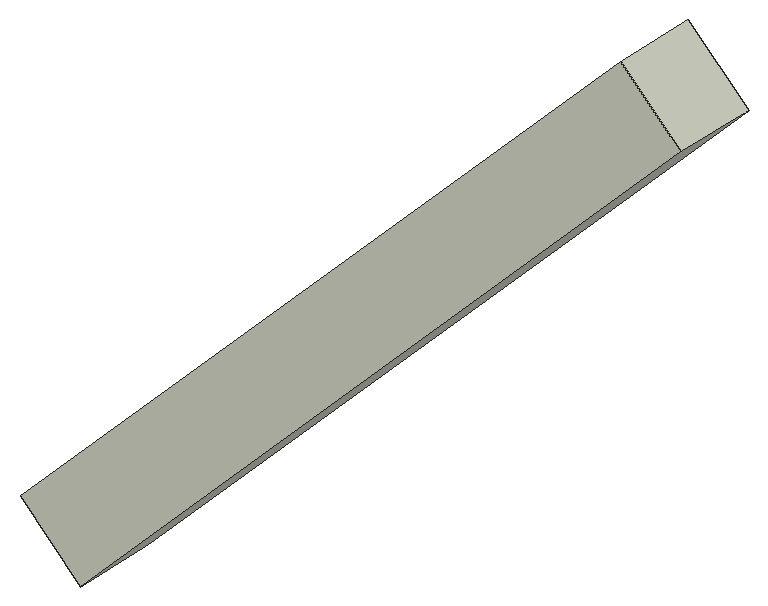
Revit family "グレーチング_等辺山形鋼", category Generic Models, Revit 2023
Family settings
  Can host rebar = No
  Round Connector Dimension = Use Diameter
  Part Type = Normal
  Work Plane-Based = Yes
  Always vertical = No
  Cut with Voids When Loaded = No
  Maintain Annotation Orientation = No
  Shared = No
  Room Calculation Point = No
Parameters (values of type "L 100 x 100")
  高さ = 100 mm
  長辺 [instance] = 長さ  # 1000 mm
  長さ [instance] = 1000 mm
  部屋名 = ""
  角度 [instance] = 45.00°
  Default Elevation = 1219.2 mm
  構造マテリアル = E614_グレーチング
  幅 = 100 mm
Types (18, lengths in mm): name | 高さ | 幅
  L 120 x 120 | 120 | 120
  L 130 x 130 | 130 | 130
  L 150 x 150 | 150 | 150
  L 175 x 175 | 175 | 175
  L 200 x 200 | 200 | 200
  L 25 x 25 | 25 | 25
  L 250 x 250 | 250 | 250
  L 30 x 30 | 30 | 30
  L 45 x 45 | 45 | 45
  L 50 x 50 | 50 | 50
  L 60 x 60 | 60 | 60
  L 65 x 65 | 65 | 65
  L 70 x 70 | 70 | 70
  L 75 x 75 | 75 | 75
  L 80 x 80 | 80 | 80
  L 90 x 90 | 90 | 90
  L 100 x 100 | 100 | 100
  L 40 x 40 | 40 | 40
Reference planes
  plane 1 "中心(正面/背面)": y = 0
  plane 2: z = 0
  plane 3 "中心(左/右)": x = 0
Lines and regions (mm)
  reference lines
    curve 1: line (0, 0, 0) -> (848.528, 0, 848.528)
    curve 2: line (35.355, 0, -35.355) -> (-35.355, 0, 35.355)
    curve 3: line (742.462, 0, 671.751) -> (671.751, 0, 742.462)
Dimensions and locks
  equal spacing: curve 2, curve 1, curve 2
  "高さ": curve 2 to curve 2
  equal spacing: curve 3, curve 1, curve 3
  "高さ": curve 3 to curve 3
  "長さ": curve 2 to curve 3
  "角度": angle level to curve 1
  angle curve 2 to curve 1 = 90.00°
  angle curve 3 to curve 1 = 90.00°
  aligned and locked: level to plane 2
  aligned and locked: level to curve 1
  aligned and locked: plane 3 "中心(左/右)" to curve 1
  aligned and locked: nested 1 to curve 1
Nested families
  nested 1: "グレーチング_等辺山形鋼" at (-35.355, 0, 35.355) x (0, 1, 0) z (0.7071, 0, -0.7071), 長さ <- "長さ", type "L 25 x 25"
    with 長辺 1000 mm, 長さ 1000 mm, 高さ 100 mm, 幅 100 mm
Definition of nested family "グレーチング_等辺山形鋼"
  Parameters (values of type "L 25 x 25")
    高さ = 25 mm
    長辺 [instance] = 長さ  # 1000 mm
    長さ [instance] = 1000 mm
    部屋名 = ""
    Default Elevation = 1219.2 mm
    構造マテリアル = none
    幅 = 25 mm
  Reference planes
    plane 1 "中心(正面/背面)": y = 0
    plane 2: z = 0
    plane 3 "中心(左/右)": x = 0
    plane 4: z = 12.5
    plane 5: z = 25
  Forms (mm)
    Extrusion 1, solid, material <- "構造マテリアル"
      sketch origin (0, 0, 0) x (1, 0, 0) y (0, 1, 0)
        loop
          line (-12.5, 1000) -> (-12.5, 0) -> (12.5, 0) -> (12.5, 1000) -> (-12.5, 1000)
      from 0 to 25
  Lines and regions (mm)
    reference lines
      curve 1: line (12.5, 1000, 0) -> (-12.5, 1000, 0)
      curve 2: line (12.5, 0, 0) -> (-12.5, 0, 0)
  Dimensions and locks
    "長さ": curve 1 to curve 2
    "幅": Extrusion 1 to Extrusion 1
    equal spacing: Extrusion 1, plane 3 "中心(左/右)", Extrusion 1
    "幅": curve 1 to curve 1
    equal spacing: curve 1, plane 3 "中心(左/右)", curve 1
    "幅": curve 2 to curve 2
    equal spacing: curve 2, plane 3 "中心(左/右)", curve 2
    equal spacing: plane 5, plane 4, level
    "高さ": plane 5 to level
    aligned and locked: level to plane 2
    aligned and locked: Extrusion 1 to curve 2
    aligned and locked: curve 1 to Extrusion 1
    aligned and locked: plane 5 to Extrusion 1
  Automatic sketch dimensions
    Extrusion 1 sketch curve to plane 3 "中心(左/右)" = 12.5 mm
    plane 3 "中心(左/右)" to Extrusion 1 sketch curve = 12.5 mm
    plane 1 "中心(正面/背面)" to Extrusion 1 sketch curve = 0 mm
    Extrusion 1 sketch curve to plane 1 "中心(正面/背面)" = 1000 mm
    plane 1 "中心(正面/背面)" to curve 2 = 0 mm
